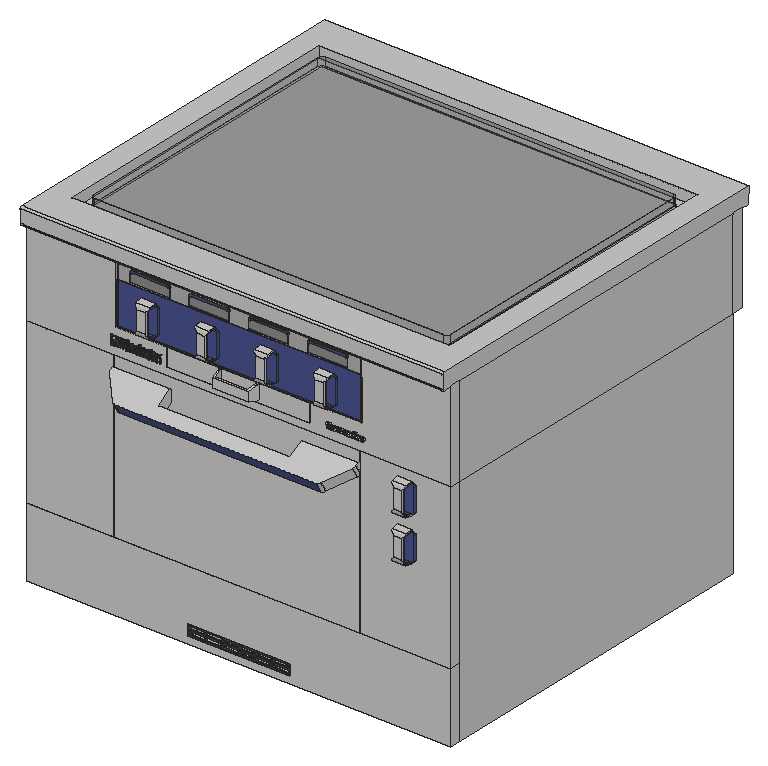
Revit family "QF_ELECTROLUXPROFESSIONAL_589658_MCLMFAJ8AO", category Attrezzature speciali, Revit 2020 (continued)
Definition of nested family "Front_Panel_W1000_Four Knobs"
  Definition of nested family "ELX_Professional_Logo_Small"
    Forms (mm)
      Extrusion 2, solid, material <- "Material_Logo"
        sketch origin (15.5, 0, 0) x (1, 0, 0) y (0, 1, 0)
          loop
            spline (-21.915, 1.897) -> (-21.957, 2.615) -> (-22.082, 3.303) -> (-22.285, 3.955) -> (-22.563, 4.564) -> (-22.913, 5.124) -> (-23.331, 5.629) -> (-23.814, 6.074) -> (-24.359, 6.451) -> (-24.961, 6.755) -> (-25.618, 6.98) -> (-26.326, 7.119) -> (-27.081, 7.167)
            spline (-27.081, 7.167) -> (-27.853, 7.122) -> (-28.586, 6.99) -> (-29.275, 6.774) -> (-29.915, 6.478) -> (-30.5, 6.104) -> (-31.024, 5.657) -> (-31.483, 5.138) -> (-31.871, 4.553) -> (-32.182, 3.904) -> (-32.411, 3.194) -> (-32.552, 2.427) -> (-32.6, 1.606)
            spline (-32.6, 1.606) -> (-32.553, 0.805) -> (-32.416, 0.057) -> (-32.193, -0.637) -> (-31.887, -1.271) -> (-31.504, -1.843) -> (-31.048, -2.35) -> (-30.523, -2.788) -> (-29.934, -3.154) -> (-29.284, -3.444) -> (-28.579, -3.656) -> (-27.822, -3.785) -> (-27.019, -3.829)
            spline (-27.019, -3.829) -> (-26.627, -3.82) -> (-26.239, -3.79) -> (-25.856, -3.739) -> (-25.477, -3.663) -> (-25.103, -3.562) -> (-24.734, -3.432) -> (-24.369, -3.273) -> (-24.01, -3.082) -> (-23.655, -2.858) -> (-23.305, -2.597) -> (-22.96, -2.299) -> (-22.621, -1.962)
            line (-22.621, -1.962) -> (-24.114, -0.509)
            spline (-24.114, -0.509) -> (-24.311, -0.699) -> (-24.509, -0.872) -> (-24.71, -1.03) -> (-24.915, -1.172) -> (-25.126, -1.297) -> (-25.346, -1.407) -> (-25.576, -1.5) -> (-25.817, -1.576) -> (-26.072, -1.636) -> (-26.342, -1.678) -> (-26.629, -1.704) -> (-26.936, -1.713)
            spline (-26.936, -1.713) -> (-27.384, -1.691) -> (-27.805, -1.625) -> (-28.196, -1.518) -> (-28.556, -1.372) -> (-28.882, -1.187) -> (-29.174, -0.966) -> (-29.429, -0.71) -> (-29.645, -0.422) -> (-29.821, -0.102) -> (-29.955, 0.247) -> (-30.045, 0.623) -> (-30.089, 1.026)
            line (-30.089, 1.026) -> (-21.956, 1.026) -> (-21.915, 1.897)
          loop
            spline (-24.446, 2.769) -> (-24.47, 3.075) -> (-24.54, 3.37) -> (-24.654, 3.65) -> (-24.807, 3.913) -> (-24.996, 4.156) -> (-25.219, 4.376) -> (-25.472, 4.57) -> (-25.753, 4.736) -> (-26.057, 4.869) -> (-26.382, 4.968) -> (-26.724, 5.03) -> (-27.081, 5.051)
            spline (-27.081, 5.051) -> (-27.464, 5.03) -> (-27.832, 4.97) -> (-28.183, 4.872) -> (-28.513, 4.74) -> (-28.819, 4.577) -> (-29.099, 4.384) -> (-29.347, 4.165) -> (-29.563, 3.923) -> (-29.742, 3.659) -> (-29.881, 3.377) -> (-29.977, 3.079) -> (-30.027, 2.769)
            line (-30.027, 2.769) -> (-24.446, 2.769)
          loop
            spline (-18.167, 1.669) -> (-18.138, 2.13) -> (-18.055, 2.567) -> (-17.921, 2.978) -> (-17.739, 3.358) -> (-17.512, 3.705) -> (-17.243, 4.016) -> (-16.937, 4.287) -> (-16.596, 4.517) -> (-16.223, 4.7) -> (-15.823, 4.835) -> (-15.398, 4.919) -> (-14.951, 4.947)
            spline (-14.951, 4.947) -> (-14.677, 4.938) -> (-14.414, 4.913) -> (-14.162, 4.871) -> (-13.921, 4.812) -> (-13.69, 4.738) -> (-13.467, 4.649) -> (-13.254, 4.544) -> (-13.048, 4.424) -> (-12.85, 4.291) -> (-12.659, 4.143) -> (-12.474, 3.981) -> (-12.295, 3.806)
            line (-12.295, 3.806) -> (-10.76, 5.403)
            spline (-10.76, 5.403) -> (-11.065, 5.709) -> (-11.38, 5.984) -> (-11.703, 6.228) -> (-12.035, 6.443) -> (-12.375, 6.63) -> (-12.723, 6.788) -> (-13.078, 6.92) -> (-13.44, 7.026) -> (-13.809, 7.107) -> (-14.184, 7.164) -> (-14.564, 7.198) -> (-14.951, 7.209)
            spline (-14.951, 7.209) -> (-15.725, 7.161) -> (-16.467, 7.02) -> (-17.169, 6.792) -> (-17.826, 6.482) -> (-18.43, 6.096) -> (-18.976, 5.637) -> (-19.455, 5.112) -> (-19.862, 4.525) -> (-20.19, 3.882) -> (-20.433, 3.189) -> (-20.584, 2.449) -> (-20.635, 1.669)
            spline (-20.635, 1.669) -> (-20.584, 0.889) -> (-20.433, 0.149) -> (-20.19, -0.545) -> (-19.862, -1.187) -> (-19.455, -1.774) -> (-18.976, -2.299) -> (-18.43, -2.758) -> (-17.826, -3.145) -> (-17.169, -3.454) -> (-16.467, -3.682) -> (-15.725, -3.823) -> (-14.951, -3.871)
            spline (-14.951, -3.871) -> (-14.564, -3.86) -> (-14.184, -3.826) -> (-13.809, -3.77) -> (-13.44, -3.689) -> (-13.078, -3.583) -> (-12.723, -3.451) -> (-12.375, -3.292) -> (-12.035, -3.105) -> (-11.703, -2.89) -> (-11.38, -2.646) -> (-11.065, -2.371) -> (-10.76, -2.066)
            line (-10.76, -2.066) -> (-12.295, -0.468)
            spline (-12.295, -0.468) -> (-12.474, -0.643) -> (-12.659, -0.805) -> (-12.85, -0.953) -> (-13.048, -1.087) -> (-13.254, -1.206) -> (-13.467, -1.311) -> (-13.69, -1.4) -> (-13.921, -1.475) -> (-14.162, -1.533) -> (-14.414, -1.575) -> (-14.677, -1.6) -> (-14.951, -1.609)
            spline (-14.951, -1.609) -> (-15.398, -1.581) -> (-15.823, -1.497) -> (-16.223, -1.362) -> (-16.596, -1.179) -> (-16.937, -0.95) -> (-17.243, -0.678) -> (-17.512, -0.367) -> (-17.739, -0.02) -> (-17.921, 0.36) -> (-18.055, 0.771) -> (-18.138, 1.208) -> (-18.167, 1.669)
          loop
            spline (-4.441, -1.243) -> (-4.659, -1.247) -> (-4.894, -1.23) -> (-5.137, -1.19) -> (-5.384, -1.121) -> (-5.628, -1.021) -> (-5.864, -0.884) -> (-6.084, -0.708) -> (-6.283, -0.488) -> (-6.454, -0.219) -> (-6.592, 0.101) -> (-6.69, 0.478) -> (-6.742, 0.914)
            line (-6.742, 0.914) -> (-6.742, 4.587) -> (-4.487, 4.587) -> (-4.487, 6.838) -> (-6.738, 6.838) -> (-6.738, 10.824) -> (-9.217, 10.824) -> (-9.217, 0.773)
            spline (-9.217, 0.773) -> (-9.164, 0.19) -> (-9.068, -0.358) -> (-8.928, -0.87) -> (-8.742, -1.343) -> (-8.511, -1.777) -> (-8.232, -2.168) -> (-7.904, -2.515) -> (-7.527, -2.816) -> (-7.098, -3.069) -> (-6.618, -3.273) -> (-6.084, -3.426) -> (-5.496, -3.525)
            line (-5.496, -3.525) -> (-4.45, -3.573) -> (-4.441, -1.243)
          loop
            spline (3.898, 6.983) -> (3.469, 7.009) -> (3.056, 7.001) -> (2.661, 6.961) -> (2.283, 6.888) -> (1.925, 6.785) -> (1.588, 6.652) -> (1.272, 6.49) -> (0.979, 6.301) -> (0.71, 6.085) -> (0.465, 5.844) -> (0.247, 5.578) -> (0.056, 5.289)
            line (0.056, 5.289) -> (0.056, 6.838) -> (-2.402, 6.838) -> (-2.402, -3.572) -> (0.056, -3.572) -> (0.056, 1.901)
            spline (0.056, 1.901) -> (0.079, 2.316) -> (0.145, 2.703) -> (0.254, 3.06) -> (0.404, 3.386) -> (0.592, 3.679) -> (0.818, 3.938) -> (1.08, 4.162) -> (1.375, 4.348) -> (1.703, 4.495) -> (2.062, 4.602) -> (2.45, 4.668) -> (2.865, 4.69)
            line (2.865, 4.69) -> (3.898, 4.586) -> (3.898, 6.983)
          loop
            spline (15.638, 1.633) -> (15.586, 2.396) -> (15.435, 3.124) -> (15.192, 3.81) -> (14.863, 4.449) -> (14.455, 5.034) -> (13.975, 5.56) -> (13.43, 6.021) -> (12.826, 6.411) -> (12.17, 6.724) -> (11.469, 6.955) -> (10.729, 7.098) -> (9.958, 7.147)
            spline (9.958, 7.147) -> (9.182, 7.098) -> (8.44, 6.955) -> (7.737, 6.724) -> (7.081, 6.411) -> (6.477, 6.021) -> (5.933, 5.56) -> (5.454, 5.034) -> (5.048, 4.449) -> (4.721, 3.81) -> (4.479, 3.124) -> (4.329, 2.396) -> (4.277, 1.633)
            spline (4.277, 1.633) -> (4.329, 0.869) -> (4.479, 0.141) -> (4.721, -0.544) -> (5.048, -1.183) -> (5.454, -1.768) -> (5.933, -2.294) -> (6.477, -2.755) -> (7.081, -3.145) -> (7.737, -3.459) -> (8.44, -3.69) -> (9.182, -3.833) -> (9.958, -3.882)
            spline (9.958, -3.882) -> (10.729, -3.833) -> (11.469, -3.69) -> (12.17, -3.459) -> (12.826, -3.145) -> (13.43, -2.755) -> (13.975, -2.294) -> (14.455, -1.768) -> (14.863, -1.183) -> (15.192, -0.544) -> (15.435, 0.141) -> (15.586, 0.869) -> (15.638, 1.633)
          loop
            spline (13.18, 1.633) -> (13.151, 2.083) -> (13.067, 2.513) -> (12.932, 2.918) -> (12.748, 3.296) -> (12.52, 3.642) -> (12.251, 3.954) -> (11.943, 4.227) -> (11.601, 4.459) -> (11.228, 4.645) -> (10.828, 4.782) -> (10.403, 4.867) -> (9.958, 4.896)
            spline (9.958, 4.896) -> (9.509, 4.867) -> (9.081, 4.782) -> (8.679, 4.645) -> (8.306, 4.459) -> (7.964, 4.227) -> (7.658, 3.954) -> (7.39, 3.642) -> (7.163, 3.296) -> (6.981, 2.918) -> (6.847, 2.513) -> (6.765, 2.083) -> (6.736, 1.633)
            spline (6.736, 1.633) -> (6.765, 1.182) -> (6.847, 0.753) -> (6.981, 0.347) -> (7.163, -0.031) -> (7.39, -0.377) -> (7.658, -0.689) -> (7.964, -0.962) -> (8.306, -1.193) -> (8.679, -1.38) -> (9.081, -1.517) -> (9.509, -1.602) -> (9.958, -1.631)
            spline (9.958, -1.631) -> (10.403, -1.602) -> (10.828, -1.517) -> (11.228, -1.38) -> (11.601, -1.193) -> (11.943, -0.962) -> (12.251, -0.689) -> (12.52, -0.377) -> (12.748, -0.031) -> (12.932, 0.347) -> (13.067, 0.753) -> (13.151, 1.182) -> (13.18, 1.633)
          loop
            line (17.162, 4.269) -> (17.162, -3.573) -> (19.642, -3.573) -> (19.642, 10.824) -> (17.162, 10.824) -> (17.162, 4.269)
          loop
            line (28.581, 6.838) -> (28.581, 0.786)
            spline (28.581, 0.786) -> (28.561, 0.393) -> (28.503, 0.038) -> (28.409, -0.279) -> (28.281, -0.559) -> (28.122, -0.802) -> (27.933, -1.011) -> (27.717, -1.185) -> (27.476, -1.325) -> (27.213, -1.433) -> (26.929, -1.509) -> (26.626, -1.554) -> (26.308, -1.569)
            spline (26.308, -1.569) -> (25.99, -1.554) -> (25.688, -1.509) -> (25.404, -1.434) -> (25.141, -1.326) -> (24.9, -1.187) -> (24.684, -1.014) -> (24.496, -0.807) -> (24.336, -0.565) -> (24.209, -0.288) -> (24.115, 0.026) -> (24.057, 0.376) -> (24.037, 0.765)
            line (24.037, 0.765) -> (24.037, 6.838) -> (21.537, 6.838) -> (21.537, 0.558)
            spline (21.537, 0.558) -> (21.581, -0.153) -> (21.71, -0.8) -> (21.916, -1.384) -> (22.195, -1.904) -> (22.54, -2.362) -> (22.944, -2.757) -> (23.403, -3.09) -> (23.909, -3.362) -> (24.456, -3.572) -> (25.04, -3.722) -> (25.652, -3.811) -> (26.288, -3.841)
            spline (26.288, -3.841) -> (26.929, -3.811) -> (27.547, -3.72) -> (28.135, -3.568) -> (28.687, -3.355) -> (29.197, -3.079) -> (29.66, -2.741) -> (30.068, -2.341) -> (30.415, -1.877) -> (30.696, -1.349) -> (30.905, -0.757) -> (31.034, -0.101) -> (31.079, 0.621)
            line (31.079, 0.621) -> (31.079, 6.838) -> (28.581, 6.838)
          loop
            line (40.457, -0.243) -> (38.894, 1.942) -> (40.83, 4.579) -> (42.488, 6.837) -> (39.782, 6.837) -> (37.53, 3.719) -> (35.258, 6.837) -> (32.573, 6.837) -> (34.113, 4.731) -> (36.167, 1.922) -> (34.014, -1.076) -> (32.222, -3.573) -> (34.887, -3.573) -> (37.53, 0.104) -> (40.174, -3.573) -> (42.839, -3.573) -> (40.457, -0.243)
          loop
            line (-46.121, -5.837) -> (-48.039, -5.837) -> (-48.039, -10.814) -> (-47.016, -10.814) -> (-47.016, -9.128) -> (-46.121, -9.128)
            arc (-46.121, -9.128) -> (-44.476, -7.482) -> (-46.121, -5.837) r 1.645
          loop
            line (-46.163, -6.778) -> (-47.016, -6.778) -> (-47.016, -8.187) -> (-46.163, -8.187)
            arc (-46.163, -8.187) -> (-45.458, -7.482) -> (-46.163, -6.778) r 0.704
          loop
            line (-38.313, -5.837) -> (-40.265, -5.837) -> (-40.265, -10.814) -> (-39.241, -10.814) -> (-39.241, -9.1) -> (-38.46, -9.182) -> (-37.48, -10.814) -> (-36.318, -10.814) -> (-37.513, -8.848)
            arc (-37.513, -8.848) -> (-36.888, -8.266) -> (-36.671, -7.441) r 1.536
            arc (-36.671, -7.441) -> (-37.165, -6.305) -> (-38.313, -5.837) r 1.643
          loop
            arc (-38.402, -8.166) -> (-37.707, -7.505) -> (-38.334, -6.778) r 0.696
            line (-38.334, -6.778) -> (-39.241, -6.778) -> (-39.241, -8.166) -> (-38.402, -8.166)
          loop
            circle (-29.965, -8.325) r 2.585
          loop
            circle (-29.965, -8.325) r 1.64
          loop
            line (-23.1, -5.837) -> (-23.1, -10.814) -> (-22.076, -10.814) -> (-22.076, -8.768) -> (-20.204, -8.768) -> (-20.204, -7.828) -> (-22.076, -7.828) -> (-22.076, -6.778) -> (-20.024, -6.778) -> (-20.024, -5.837) -> (-23.1, -5.837)
          loop
            line (-15.802, -5.837) -> (-15.802, -9.2)
            arc (-15.802, -9.2) -> (-15.343, -10.34) -> (-14.209, -10.814) r 1.593
            line (-14.209, -10.814) -> (-12.602, -10.814) -> (-12.602, -10.027) -> (-14.004, -10.027)
            arc (-14.004, -10.027) -> (-14.552, -9.8) -> (-14.779, -9.252) r 0.775
            line (-14.779, -9.252) -> (-14.779, -8.424) -> (-12.789, -8.424) -> (-12.789, -7.642) -> (-14.779, -7.642) -> (-14.779, -6.778) -> (-12.651, -6.778) -> (-12.651, -5.837) -> (-15.802, -5.837)
          loop
            line (-5.909, -7.143) -> (-5.173, -6.638)
            arc (-5.173, -6.638) -> (-5.855, -5.974) -> (-6.781, -5.755) r 1.782
            arc (-6.781, -5.755) -> (-7.397, -5.878) -> (-7.944, -6.189) r 1.974
            arc (-7.944, -6.189) -> (-8.202, -6.5) -> (-8.317, -6.888) r 1.013
            arc (-8.317, -6.888) -> (-8.306, -7.341) -> (-8.192, -7.78) r 1.985
            arc (-8.192, -7.78) -> (-7.749, -8.259) -> (-7.171, -8.563) r 1.928
            arc (-7.171, -8.563) -> (-6.637, -8.779) -> (-6.131, -9.056) r 5.041
            arc (-6.131, -9.056) -> (-5.934, -9.387) -> (-6.09, -9.74) r 0.42
            arc (-6.09, -9.74) -> (-6.631, -9.96) -> (-7.204, -9.845) r 1.016
            arc (-7.204, -9.845) -> (-7.625, -9.603) -> (-7.889, -9.196) r 1.033
            line (-7.889, -9.196) -> (-8.67, -9.686)
            arc (-8.67, -9.686) -> (-8.361, -10.198) -> (-7.908, -10.589) r 1.914
            arc (-7.908, -10.589) -> (-7.334, -10.834) -> (-6.714, -10.896) r 2.063
            arc (-6.714, -10.896) -> (-5.947, -10.743) -> (-5.256, -10.376) r 2.696
            arc (-5.256, -10.376) -> (-4.95, -9.565) -> (-5.108, -8.712) r 1.618
            arc (-5.108, -8.712) -> (-5.448, -8.319) -> (-5.884, -8.035) r 1.876
            arc (-5.884, -8.035) -> (-6.434, -7.789) -> (-6.999, -7.577) r 9.883
            arc (-6.999, -7.577) -> (-7.325, -7.07) -> (-6.854, -6.694) r 0.45
            arc (-6.854, -6.694) -> (-6.329, -6.809) -> (-5.909, -7.143) r 1.197
          loop
            line (1.61, -7.143) -> (2.345, -6.638)
            arc (2.345, -6.638) -> (1.663, -5.974) -> (0.737, -5.755) r 1.782
            arc (0.737, -5.755) -> (0.121, -5.878) -> (-0.425, -6.189) r 1.974
            arc (-0.425, -6.189) -> (-0.683, -6.5) -> (-0.799, -6.888) r 1.013
            arc (-0.799, -6.888) -> (-0.788, -7.341) -> (-0.674, -7.78) r 1.985
            arc (-0.674, -7.78) -> (-0.231, -8.259) -> (0.347, -8.563) r 1.928
            arc (0.347, -8.563) -> (0.881, -8.779) -> (1.387, -9.056) r 5.041
            arc (1.387, -9.056) -> (1.584, -9.387) -> (1.428, -9.74) r 0.42
            arc (1.428, -9.74) -> (0.887, -9.96) -> (0.314, -9.845) r 1.016
            arc (0.314, -9.845) -> (-0.107, -9.603) -> (-0.371, -9.196) r 1.033
            line (-0.371, -9.196) -> (-1.152, -9.686)
            arc (-1.152, -9.686) -> (-0.842, -10.198) -> (-0.39, -10.589) r 1.914
            arc (-0.39, -10.589) -> (0.184, -10.834) -> (0.804, -10.896) r 2.063
            arc (0.804, -10.896) -> (1.572, -10.743) -> (2.263, -10.376) r 2.696
            arc (2.263, -10.376) -> (2.568, -9.565) -> (2.411, -8.712) r 1.618
            arc (2.411, -8.712) -> (2.07, -8.319) -> (1.635, -8.035) r 1.876
            arc (1.635, -8.035) -> (1.084, -7.789) -> (0.519, -7.577) r 9.883
            arc (0.519, -7.577) -> (0.193, -7.07) -> (0.665, -6.694) r 0.45
            arc (0.665, -6.694) -> (1.189, -6.809) -> (1.61, -7.143) r 1.197
          loop
            line (6.801, -5.837) -> (6.801, -10.814) -> (7.825, -10.814) -> (7.825, -5.837) -> (6.801, -5.837)
          loop
            circle (14.724, -8.325) r 1.548
          loop
            circle (14.724, -8.325) r 2.585
          loop
            line (21.59, -10.814) -> (22.623, -10.814) -> (22.623, -7.685) -> (24.9, -10.814) -> (25.895, -10.814) -> (25.895, -5.837) -> (24.861, -5.837) -> (24.861, -9.061) -> (22.585, -5.837) -> (21.59, -5.837) -> (21.59, -10.814)
          loop
            line (31.054, -10.814) -> (31.539, -9.74) -> (33.38, -9.74) -> (33.865, -10.814) -> (34.965, -10.814) -> (32.46, -5.837) -> (29.956, -10.814) -> (31.054, -10.814)
          loop
            line (32.46, -7.698) -> (31.999, -8.719) -> (32.921, -8.719) -> (32.46, -7.698)
          loop
            line (40.047, -9.873) -> (40.047, -5.837) -> (39.024, -5.837) -> (39.024, -10.814) -> (41.961, -10.814) -> (41.961, -9.873) -> (40.047, -9.873)
          loop
            line (-74.986, -10.814) -> (-53.322, -10.814) -> (-53.322, 10.82) -> (-74.986, 10.82) -> (-74.986, -10.814)
          loop
            line (-61.261, 9.758) -> (-61.261, -9.707)
            arc (-61.261, -9.707) -> (-54.066, 0.025) -> (-61.261, 9.758) r 10.18
          loop
            line (-62.251, 8.349) -> (-62.251, 9.758)
            arc (-62.251, 9.758) -> (-70.347, 7.918) -> (-74.247, 0.59) r 9.976
            line (-74.247, 0.59) -> (-71.026, 0.59)
            arc (-71.026, 0.59) -> (-65.274, 2.925) -> (-62.251, 8.349) r 9.351
          loop
            arc (-74.247, -0.539) -> (-70.353, -7.928) -> (-62.251, -9.957) r 10.237
            line (-62.251, -9.957) -> (-62.251, -8.298)
            arc (-62.251, -8.298) -> (-65.274, -2.874) -> (-71.026, -0.539) r 9.351
            line (-71.026, -0.539) -> (-74.247, -0.539)
        from 0 to 1.644
    Dimensions and locks
      aligned and locked: plane 2 to Extrusion 1
      aligned and locked: level to Extrusion 1
